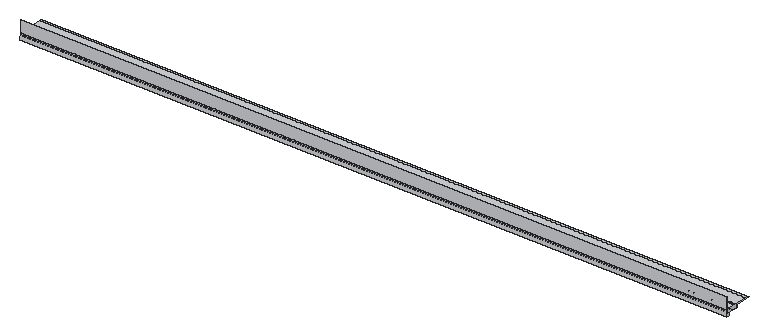
Revit family "Novojunta Pro Basic SP", category Modelos genéricos, Revit 2024
Family settings
  Puede alojar armadura = No
  Cota de conector redondo = Usar diámetro
  Tipo de pieza = Normal
  Corte con vacíos al cargar = No
  Mantener orientación de anotación = No
  Compartido = No
  Punto de cálculo de habitación = No
Parameters
  URL = "https://emac.es/novojunta-pro-basic-sp-junta-estrutural"
  Tipo de junta [instance] = Lisa/ Estriada : Lisa
  Texto Prescriptivo [instance] = "Instalación de junta de dilatación estructural superpuesta Emac® Novojunta® Pro Basic SP para cargas ligeras, ancho junta 40 mm, ancho visible 40 mm, ancho total 144 mm, alto perfil 12,5 mm. Con estructura realizada en aluminio perforado en su base para fijaciones, caucho EPDM de altas prestaciones con capacidad de absorber movimientos multidireccionales. Admisión de movimiento horizontal hasta 14 mm. Color y acabado a elegir. Otros anchos en opción. Instalación con tornillería (incluida).. Medida la longitud realmente ejecutada."
  Texto Descriptivo [instance] = "Novojunta® Pro Basic SP es un sistema de perfiles de aluminio y caucho EPDM destinado a  colocación en juntas de dilatación de estructura superpuestas de hasta 40 mm de ancho. Su diseño facilita la absorción de los movimientos derivados de las variaciones térmicas, permitiendo movimiento en tres ejes.  Con acabado liso o estriado y soporte de cargas ligeras/medias. Se sirve desmontada. Disponible en color gris o negro."
  Referencia [instance] = "NJPBSP"
  Posición Junta [instance] = Enrasada/Perimetral : Perimetral
  Perimetral [instance] = Enrasada/Perimetral : Perimetral
  País origen [instance] = "España"
  Material 2 [instance] = EPDM
  Material [instance] = Aluminio
  Lisa [instance] = Lisa/ Estriada : Lisa
  Instrucciones de Instalación [instance] = "https://emac.es/public/Attachment/2023/3/ficha-tecnica-novojunta-pro-basic-sp-emac.pdf"
  Estriada [instance] = Lisa/ Estriada : Estriada
  Enrasada [instance] = Enrasada/Perimetral : Enrasada
  NOVOJUNTA PRO BASIC SP h= 12,5mm, a=40mm Perimetral - Lisa [instance] = if(and(Posición Junta = Perimetral, Tipo de junta = Lisa, Anchura = Anchura 40mm), 1 = 1, 1 = 0)  # yes
  NOVOJUNTA PRO BASIC SP h= 12,5mm, a=40mm Perimetral - Estriada [instance] = if(and(Posición Junta = Perimetral, Tipo de junta = Estriada, Anchura = Anchura 40mm), 1 = 1, 1 = 0)  # no
  NOVOJUNTA PRO BASIC SP h= 12,5mm, a=40mm Enrasada- Lisa [instance] = if(and(Posición Junta = Enrasada, Tipo de junta = Lisa, Anchura = Anchura 40mm), 1 = 1, 1 = 0)  # no
  NOVOJUNTA PRO BASIC SP h= 12,5mm, a=40mm Enrasada- Estriada [instance] = if(and(Posición Junta = Enrasada, Tipo de junta = Estriada, Anchura = Anchura 40mm), 1 = 1, 1 = 0)  # no
  NOVOJUNTA PRO BASIC SP h= 12,5mm, a=30mm Perimetral - Lisa [instance] = if(and(Posición Junta = Perimetral, Tipo de junta = Lisa, Anchura = Anchura 30mm), 1 = 1, 1 = 0)  # no
  NOVOJUNTA PRO BASIC SP h= 12,5mm, a=30mm Perimetral - Estriada [instance] = if(and(Posición Junta = Perimetral, Tipo de junta = Estriada, Anchura = Anchura 30mm), 1 = 1, 1 = 0)  # no
  NOVOJUNTA PRO BASIC SP h= 12,5mm, a=30mm Enrasada- Lisa [instance] = if(and(Posición Junta = Enrasada, Tipo de junta = Lisa, Anchura = Anchura 30mm), 1 = 1, 1 = 0)  # no
  NOVOJUNTA PRO BASIC SP h= 12,5mm, a=30mm Enrasada- Estriada [instance] = if(and(Posición Junta = Enrasada, Tipo de junta = Estriada, Anchura = Anchura 30mm), 1 = 1, 1 = 0)  # no
  NOVOJUNTA PRO BASIC SP h= 12,5mm, a=20mm Perimetral - Lisa [instance] = if(and(Posición Junta = Perimetral, Tipo de junta = Lisa, Anchura = Anchura 20mm), 1 = 1, 1 = 0)  # no
  NOVOJUNTA PRO BASIC SP h= 12,5mm, a=20mm Perimetral - Estriada [instance] = if(and(Posición Junta = Perimetral, Tipo de junta = Estriada, Anchura = Anchura 20mm), 1 = 1, 1 = 0)  # no
  NOVOJUNTA PRO BASIC SP h= 12,5mm, a=20mm Enrasada- Lisa [instance] = if(and(Posición Junta = Enrasada, Tipo de junta = Lisa, Anchura = Anchura 20mm), 1 = 1, 1 = 0)  # no
  NOVOJUNTA PRO BASIC SP h= 12,5mm, a=20mm Enrasada- Estriada [instance] = if(and(Posición Junta = Enrasada, Tipo de junta = Estriada, Anchura = Anchura 20mm), 1 = 1, 1 = 0)  # no
  built-in parameter 1001306 [instance] = 2500 mm
  Default Elevation = 0 mm
  Descripción = "NOVOJUNTA PRO BASIC SP\r\nNOVOJUNTA PRO BASIC SP"
  Certificados de producto [instance] = "https://emac.es/public/Attachment/2023/3/ficha-tecnica-novojunta-pro-basic-sp-emac.pdf"
  Características técnicas [instance] = "https://emac.es/public/Attachment/2023/3/ficha-tecnica-novojunta-pro-basic-sp-emac.pdf"
  Anchura 40mm [instance] = Anchura : 40mm
  Anchura 30mm [instance] = Anchura : 30mm
  Anchura 20mm [instance] = Anchura : 20mm
  Anchura [instance] = Anchura : 40mm
  Altura [instance] = 12.5 mm
Reference planes
  plane 1 "Center (Front/Back)": y = 0
  plane 2: z = 0
  plane 3 "Left": x = 0
  plane 4 "Right": x = 2500
Forms (mm)
  Extrusion 1, solid, visible <- "NOVOJUNTA PRO BASIC SP h= 12,5mm, a=20mm Enrasada- Lisa"
    sketch origin (0, -483.071, -363.443) x (0, 1, 0) y (0, 0, 1)
      loop
        line (536.766, 363.307) -> (493.332, 363.343) -> (493.332, 354.27) -> (492.521, 352.243) -> (489.785, 352.243) -> (488.974, 354.27) -> (488.974, 361.243) -> (487.032, 361.243) -> (487.032, 351.843)
        arc (487.032, 351.843) -> (487.471, 350.782) -> (488.532, 350.343) r 1.5
        line (488.532, 350.343) -> (493.732, 350.343)
        arc (493.732, 350.343) -> (494.792, 350.782) -> (495.232, 351.843) r 1.5
        line (495.232, 351.843) -> (495.232, 361.343) -> (499.432, 361.343) -> (546.837, 361.343)
        arc (546.837, 361.343) -> (541.874, 362.696) -> (536.766, 363.307) r 35
      loop
        line (419.318, 361.343) -> (466.723, 361.343) -> (470.923, 361.343) -> (470.923, 351.843)
        arc (470.923, 351.843) -> (471.363, 350.782) -> (472.423, 350.343) r 1.5
        line (472.423, 350.343) -> (477.623, 350.343)
        arc (477.623, 350.343) -> (478.684, 350.782) -> (479.123, 351.843) r 1.5
        line (479.123, 351.843) -> (479.123, 361.243) -> (477.223, 361.243) -> (477.223, 354.324) -> (476.391, 352.243) -> (473.655, 352.243) -> (472.823, 354.324) -> (472.823, 363.343) -> (430.98, 363.343)
        arc (430.98, 363.343) -> (425.064, 362.84) -> (419.318, 361.343) r 35
      loop
        line (490.308, 354.264) -> (489.663, 353.751) -> (490.791, 352.623)
        arc (490.791, 352.623) -> (491.23, 352.429) -> (491.666, 352.631) r 0.583
        line (491.666, 352.631) -> (492.791, 353.757) -> (492.117, 354.28) -> (491.815, 355.179) -> (491.815, 360.668) -> (493.015, 361.389) -> (493.015, 363.443) -> (485.915, 363.443)
        arc (485.915, 363.443) -> (483.015, 363.143) -> (480.115, 363.443) r 14.165
        line (480.115, 363.443) -> (473.015, 363.443) -> (473.015, 361.389) -> (474.215, 360.668) -> (474.215, 355.179) -> (473.947, 354.379) -> (473.321, 353.838) -> (474.365, 352.631)
        arc (474.365, 352.631) -> (474.801, 352.429) -> (475.24, 352.623) r 0.583
        line (475.24, 352.623) -> (476.365, 353.748) -> (475.723, 354.264) -> (475.438, 355.168) -> (475.542, 360.67) -> (476.881, 361.443) -> (480.16, 361.443) -> (481.887, 359.173)
        arc (481.887, 359.173) -> (483.016, 358.643) -> (484.144, 359.173) r 1.466
        line (484.144, 359.173) -> (485.867, 361.443) -> (489.149, 361.443) -> (490.489, 360.67) -> (490.593, 355.168) -> (490.308, 354.264)
    from 0 to 2500
  Extrusion 2, solid, visible <- "NOVOJUNTA PRO BASIC SP h= 12,5mm, a=20mm Enrasada- Estriada"
    sketch origin (0, -303.72, -363.304) x (0, 1, 0) y (0, 0, 1)
      loop
        line (320.081, 361.304) -> (367.486, 361.304)
        arc (367.486, 361.304) -> (362.523, 362.657) -> (357.416, 363.268) r 35
        line (357.416, 363.268) -> (313.981, 363.304) -> (313.981, 354.231) -> (313.171, 352.204) -> (310.435, 352.204) -> (309.624, 354.231) -> (309.624, 361.204) -> (307.681, 361.204) -> (307.681, 351.804)
        arc (307.681, 351.804) -> (308.121, 350.743) -> (309.181, 350.304) r 1.5
        line (309.181, 350.304) -> (314.381, 350.304)
        arc (314.381, 350.304) -> (315.442, 350.743) -> (315.881, 351.804) r 1.5
        line (315.881, 351.804) -> (315.881, 361.304) -> (320.081, 361.304)
      loop
        line (239.968, 361.304) -> (287.373, 361.304) -> (291.573, 361.304) -> (291.573, 351.804)
        arc (291.573, 351.804) -> (292.012, 350.743) -> (293.073, 350.304) r 1.5
        line (293.073, 350.304) -> (298.273, 350.304)
        arc (298.273, 350.304) -> (299.334, 350.743) -> (299.773, 351.804) r 1.5
        line (299.773, 351.804) -> (299.773, 361.204) -> (297.873, 361.204) -> (297.873, 354.285) -> (297.041, 352.204) -> (294.305, 352.204) -> (293.473, 354.285) -> (293.473, 363.304) -> (251.63, 363.304)
        arc (251.63, 363.304) -> (245.714, 362.8) -> (239.968, 361.304) r 35
      loop
        line (302.97, 357.804) -> (302.97, 363.304) -> (293.665, 363.304) -> (293.665, 361.35) -> (294.865, 360.629) -> (294.865, 355.14) -> (294.564, 354.241) -> (293.868, 353.739) -> (295.015, 352.592)
        arc (295.015, 352.592) -> (295.451, 352.39) -> (295.89, 352.584) r 0.583
        line (295.89, 352.584) -> (297.034, 353.728) -> (296.372, 354.225) -> (296.088, 355.129) -> (296.192, 360.631) -> (297.531, 361.404) -> (301.106, 361.404) -> (301.106, 356.836) -> (303.286, 354.977)
        arc (303.286, 354.977) -> (303.748, 354.806) -> (304.211, 354.976) r 0.714
        line (304.211, 354.976) -> (306.406, 356.836) -> (306.406, 361.404) -> (309.799, 361.404) -> (311.138, 360.631) -> (311.242, 355.129) -> (310.958, 354.225) -> (310.296, 353.728) -> (311.44, 352.584)
        arc (311.44, 352.584) -> (311.879, 352.39) -> (312.315, 352.592) r 0.583
        line (312.315, 352.592) -> (313.463, 353.739) -> (312.767, 354.241) -> (312.465, 355.14) -> (312.465, 360.629) -> (313.665, 361.35) -> (313.665, 363.304) -> (304.47, 363.304) -> (304.47, 357.804)
        arc (304.47, 357.804) -> (304.261, 357.192) -> (303.72, 356.836) r 1
        arc (303.72, 356.836) -> (303.18, 357.192) -> (302.97, 357.804) r 1
    from 0 to 2500
  Extrusion 3, solid, visible <- "NOVOJUNTA PRO BASIC SP h= 12,5mm, a=30mm Enrasada- Lisa"
    sketch origin (0, -485.412, -309.419) x (0, 1, 0) y (0, 0, 1)
      loop
        line (500.77, 300.397) -> (499.97, 298.397) -> (497.37, 298.397) -> (496.613, 300.29) -> (496.613, 307.297) -> (494.57, 307.297) -> (494.57, 297.919)
        arc (494.57, 297.919) -> (495.001, 296.844) -> (496.07, 296.397) r 1.5
        line (496.07, 296.397) -> (501.27, 296.397)
        arc (501.27, 296.397) -> (502.331, 296.836) -> (502.77, 297.897) r 1.5
        line (502.77, 297.897) -> (502.77, 307.397) -> (506.97, 307.397) -> (554.375, 307.397)
        arc (554.375, 307.397) -> (549.412, 308.75) -> (544.304, 309.36) r 35
        line (544.304, 309.36) -> (500.77, 309.397) -> (500.77, 300.397)
      loop
        line (500.137, 299.943) -> (499.508, 300.435) -> (499.212, 301.318) -> (499.212, 306.637) -> (500.412, 307.358) -> (500.412, 309.419) -> (494.412, 309.419)
        arc (494.412, 309.419) -> (485.412, 308.96) -> (476.412, 309.419) r 88.447
        line (476.412, 309.419) -> (470.412, 309.419) -> (470.412, 307.358) -> (471.612, 306.637) -> (471.612, 301.318) -> (471.339, 300.505) -> (470.637, 299.915) -> (471.767, 298.785)
        arc (471.767, 298.785) -> (472.203, 298.584) -> (472.642, 298.778) r 0.583
        line (472.642, 298.778) -> (473.741, 299.876) -> (473.124, 300.419) -> (472.837, 301.332) -> (472.937, 306.647) -> (474.245, 307.497) -> (476.512, 307.497) -> (476.512, 297.919) -> (479.796, 297.919)
        arc (479.796, 297.919) -> (480.175, 298.094) -> (480.29, 298.495) r 0.5
        arc (480.29, 298.495) -> (485.412, 304.461) -> (490.534, 298.495) r 5.182
        arc (490.534, 298.495) -> (490.649, 298.094) -> (491.028, 297.919) r 0.5
        line (491.028, 297.919) -> (494.312, 297.919) -> (494.312, 307.475) -> (496.613, 307.475) -> (497.887, 306.647) -> (497.987, 301.332) -> (497.7, 300.418) -> (497.041, 299.919) -> (498.182, 298.778)
        arc (498.182, 298.778) -> (498.621, 298.584) -> (499.057, 298.785) r 0.583
        line (499.057, 298.785) -> (500.137, 299.943)
      loop
        line (491.472, 307.316) -> (490.63, 302.997) -> (493.314, 302.997) -> (493.314, 307.316) -> (491.472, 307.316)
      loop
        line (480.195, 302.997) -> (479.352, 307.316) -> (477.51, 307.316) -> (477.51, 302.997) -> (480.195, 302.997)
      loop
        line (476.254, 307.297) -> (474.212, 307.297) -> (474.212, 300.29) -> (473.454, 298.397) -> (470.854, 298.397) -> (470.054, 300.397) -> (470.054, 309.397) -> (426.52, 309.361)
        arc (426.52, 309.361) -> (421.412, 308.75) -> (416.45, 307.397) r 35
        line (416.45, 307.397) -> (463.854, 307.397) -> (468.054, 307.397) -> (468.054, 297.897)
        arc (468.054, 297.897) -> (468.494, 296.836) -> (469.554, 296.397) r 1.5
        line (469.554, 296.397) -> (474.754, 296.397)
        arc (474.754, 296.397) -> (475.815, 296.836) -> (476.254, 297.897) r 1.5
        line (476.254, 297.897) -> (476.254, 307.297)
    from 0 to 2500
  Extrusion 4, solid, visible <- "NOVOJUNTA PRO BASIC SP h= 12,5mm, a=30mm Enrasada- Estriada"
    sketch origin (0, -296.685, -309.279) x (0, 1, 0) y (0, 0, 1)
      loop
        arc (305.718, 297.725) -> (306.157, 296.664) -> (307.218, 296.225) r 1.5
        line (307.218, 296.225) -> (312.418, 296.225)
        arc (312.418, 296.225) -> (313.479, 296.664) -> (313.918, 297.725) r 1.5
        line (313.918, 297.725) -> (313.918, 307.225) -> (318.118, 307.225) -> (365.523, 307.225)
        arc (365.523, 307.225) -> (360.56, 308.577) -> (355.452, 309.188) r 35
        line (355.452, 309.188) -> (311.918, 309.225) -> (311.918, 299.902) -> (311.207, 298.125) -> (308.471, 298.125) -> (307.761, 299.902) -> (307.761, 307.125) -> (305.718, 307.125) -> (305.718, 297.725)
      loop
        line (308.767, 300.141) -> (308.121, 299.629) -> (309.25, 298.501)
        arc (309.25, 298.501) -> (309.689, 298.306) -> (310.125, 298.508) r 0.583
        line (310.125, 298.508) -> (311.221, 299.604) -> (310.576, 300.157) -> (310.275, 301.056) -> (310.275, 306.504) -> (311.475, 307.224) -> (311.475, 309.279) -> (304.19, 309.279) -> (303.505, 303.273) -> (302.624, 303.273) -> (301.757, 309.279) -> (296.685, 309.279) -> (291.612, 309.279) -> (290.746, 303.273) -> (289.864, 303.273) -> (289.18, 309.279) -> (281.895, 309.279) -> (281.895, 307.224) -> (283.095, 306.504) -> (283.095, 301.056) -> (282.793, 300.157) -> (282.094, 299.658) -> (283.245, 298.508)
        arc (283.245, 298.508) -> (283.68, 298.306) -> (284.12, 298.501) r 0.583
        line (284.12, 298.501) -> (285.227, 299.608) -> (284.602, 300.141) -> (284.318, 301.045) -> (284.421, 306.547) -> (285.444, 307.32) -> (287.892, 307.32) -> (288.253, 297.779) -> (292.003, 297.779) -> (293.615, 306.276) -> (294.648, 306.276) -> (295.759, 304.807)
        arc (295.759, 304.807) -> (296.685, 304.372) -> (297.61, 304.807) r 1.202
        line (297.61, 304.807) -> (298.721, 306.276) -> (299.755, 306.276) -> (301.366, 297.779) -> (305.116, 297.779) -> (305.477, 307.32) -> (307.925, 307.32) -> (308.948, 306.547) -> (309.052, 301.045) -> (308.767, 300.141)
      loop
        arc (286.16, 296.225) -> (287.219, 296.663) -> (287.658, 297.723) r 1.498
        line (287.658, 297.723) -> (287.658, 307.125) -> (285.609, 307.125) -> (285.609, 299.902) -> (284.898, 298.125) -> (282.162, 298.125) -> (281.451, 299.902) -> (281.451, 309.225) -> (237.917, 309.188)
        arc (237.917, 309.188) -> (232.81, 308.577) -> (227.847, 307.225) r 35
        line (227.847, 307.225) -> (279.458, 307.225) -> (279.458, 297.727)
        arc (279.458, 297.727) -> (279.897, 296.664) -> (280.96, 296.225) r 1.502
        line (280.96, 296.225) -> (286.16, 296.225)
    from 0 to 2500
  Extrusion 5, solid, visible <- "NOVOJUNTA PRO BASIC SP h= 12,5mm, a=40mm Enrasada- Lisa"
    sketch origin (0, -476.147, -263.567) x (0, 1, 0) y (0, 0, 1)
      loop
        line (502.564, 261.467) -> (549.969, 261.467)
        arc (549.969, 261.467) -> (545.006, 262.82) -> (539.898, 263.431) r 35
        line (539.898, 263.431) -> (496.364, 263.467) -> (496.364, 254.144) -> (495.653, 252.367) -> (492.917, 252.367) -> (492.207, 254.144) -> (492.207, 261.367) -> (490.164, 261.367) -> (490.164, 251.967)
        arc (490.164, 251.967) -> (490.603, 250.906) -> (491.664, 250.467) r 1.5
        line (491.664, 250.467) -> (496.864, 250.467)
        arc (496.864, 250.467) -> (497.924, 250.906) -> (498.364, 251.967) r 1.5
        line (498.364, 251.967) -> (498.364, 261.467) -> (502.564, 261.467)
      loop
        line (493.44, 254.388) -> (492.81, 253.859) -> (493.923, 252.747)
        arc (493.923, 252.747) -> (494.362, 252.553) -> (494.798, 252.755) r 0.583
        line (494.798, 252.755) -> (495.954, 253.911) -> (495.249, 254.404) -> (494.947, 255.302) -> (494.947, 260.792) -> (496.147, 261.513) -> (496.147, 263.567) -> (485.246, 263.567)
        arc (485.246, 263.567) -> (480.604, 263.217) -> (475.95, 263.111) r 88.918
        arc (475.95, 263.111) -> (471.296, 263.217) -> (466.654, 263.567) r 88.918
        line (466.654, 263.567) -> (456.346, 263.567) -> (456.346, 261.453) -> (457.446, 260.792) -> (457.446, 255.302) -> (457.145, 254.404) -> (456.469, 253.882) -> (457.596, 252.755)
        arc (457.596, 252.755) -> (458.032, 252.553) -> (458.471, 252.747) r 0.583
        line (458.471, 252.747) -> (459.593, 253.869) -> (458.953, 254.388) -> (458.669, 255.292) -> (458.773, 260.794) -> (460.112, 261.567) -> (463.246, 261.567) -> (463.246, 252.067) -> (467.246, 252.067) -> (467.246, 250.567) -> (470.206, 250.567) -> (475.681, 257.309)
        arc (475.681, 257.309) -> (476.254, 257.582) -> (476.827, 257.308) r 0.738
        line (476.827, 257.308) -> (482.286, 250.567) -> (485.246, 250.567) -> (485.246, 252.067) -> (489.246, 252.067) -> (489.246, 261.567) -> (492.281, 261.567) -> (493.621, 260.794) -> (493.725, 255.292) -> (493.44, 254.388)
      loop
        line (487.246, 259.593) -> (479.399, 259.593) -> (483.805, 254.167) -> (487.246, 254.167) -> (487.246, 259.593)
      loop
        line (468.687, 254.167) -> (473.093, 259.593) -> (465.246, 259.593) -> (465.246, 254.167) -> (468.687, 254.167)
      loop
        line (462.354, 251.967) -> (462.354, 261.367) -> (460.354, 261.367) -> (460.354, 254.198) -> (459.622, 252.367) -> (456.886, 252.367) -> (456.154, 254.198) -> (456.154, 263.467) -> (414.211, 263.467)
        arc (414.211, 263.467) -> (408.295, 262.963) -> (402.549, 261.467) r 35
        line (402.549, 261.467) -> (449.954, 261.467) -> (454.154, 261.467) -> (454.154, 251.967)
        arc (454.154, 251.967) -> (454.593, 250.906) -> (455.654, 250.467) r 1.5
        line (455.654, 250.467) -> (460.854, 250.467)
        arc (460.854, 250.467) -> (461.914, 250.906) -> (462.354, 251.967) r 1.5
    from 0 to 2500
  Extrusion 6, solid, visible <- "NOVOJUNTA PRO BASIC SP h= 12,5mm, a=40mm Enrasada- Estriada"
    sketch origin (0, -298.726, -265.498) x (0, 1, 0) y (0, 0, 1)
      loop
        line (320.943, 263.398) -> (325.143, 263.398) -> (372.547, 263.398)
        arc (372.547, 263.398) -> (367.585, 264.75) -> (362.477, 265.361) r 35
        line (362.477, 265.361) -> (318.943, 265.398) -> (318.943, 256.075) -> (318.232, 254.298) -> (315.496, 254.298) -> (314.785, 256.075) -> (314.785, 263.298) -> (312.743, 263.298) -> (312.743, 253.898)
        arc (312.743, 253.898) -> (313.182, 252.837) -> (314.243, 252.398) r 1.5
        line (314.243, 252.398) -> (319.443, 252.398)
        arc (319.443, 252.398) -> (320.503, 252.837) -> (320.943, 253.898) r 1.5
        line (320.943, 253.898) -> (320.943, 263.398)
      loop
        line (317.526, 257.233) -> (317.526, 262.723) -> (318.626, 263.383) -> (318.626, 265.498) -> (304.526, 265.498) -> (304.25, 259.604)
        arc (304.25, 259.604) -> (303.727, 259.097) -> (303.188, 259.587) r 0.532
        line (303.188, 259.587) -> (302.726, 265.498) -> (298.726, 265.498) -> (294.726, 265.498) -> (294.264, 259.577)
        arc (294.264, 259.577) -> (293.726, 259.087) -> (293.203, 259.594) r 0.531
        line (293.203, 259.594) -> (292.926, 265.498) -> (278.925, 265.498) -> (278.925, 263.383) -> (280.025, 262.723) -> (280.025, 257.233) -> (279.723, 256.335) -> (279.05, 255.81) -> (280.175, 254.685)
        arc (280.175, 254.685) -> (280.61, 254.484) -> (281.05, 254.678) r 0.583
        line (281.05, 254.678) -> (282.177, 255.805) -> (281.532, 256.319) -> (281.248, 257.222) -> (281.351, 262.725) -> (282.691, 263.498) -> (285.726, 263.498) -> (285.726, 253.998) -> (289.726, 253.998) -> (289.726, 252.498) -> (292.726, 252.498) -> (295.726, 257.198)
        arc (295.726, 257.198) -> (298.726, 259.198) -> (301.726, 257.198) r 3.249
        line (301.726, 257.198) -> (304.726, 252.498) -> (307.726, 252.498) -> (307.726, 253.998) -> (311.726, 253.998) -> (311.726, 263.498) -> (314.86, 263.498) -> (316.2, 262.725) -> (316.304, 257.222) -> (316.019, 256.319) -> (315.361, 255.819) -> (316.502, 254.678)
        arc (316.502, 254.678) -> (316.941, 254.484) -> (317.376, 254.685) r 0.583
        line (317.376, 254.685) -> (318.504, 255.813) -> (317.828, 256.335) -> (317.526, 257.233)
      loop
        line (309.726, 256.098) -> (309.726, 262.998) -> (306.752, 262.998) -> (305.8, 256.098) -> (309.726, 256.098)
      loop
        line (290.701, 262.998) -> (287.726, 262.998) -> (287.726, 256.098) -> (291.652, 256.098) -> (290.701, 262.998)
      loop
        line (284.933, 253.898) -> (284.933, 263.298) -> (282.933, 263.298) -> (282.933, 256.128) -> (282.2, 254.298) -> (279.465, 254.298) -> (278.733, 256.128) -> (278.733, 265.398) -> (236.79, 265.398)
        arc (236.79, 265.398) -> (230.874, 264.894) -> (225.128, 263.398) r 35
        line (225.128, 263.398) -> (272.533, 263.398) -> (276.733, 263.398) -> (276.733, 253.898)
        arc (276.733, 253.898) -> (277.172, 252.837) -> (278.233, 252.398) r 1.5
        line (278.233, 252.398) -> (283.433, 252.398)
        arc (283.433, 252.398) -> (284.493, 252.837) -> (284.933, 253.898) r 1.5
    from 0 to 2500
  Extrusion 7, solid, visible <- "NOVOJUNTA PRO BASIC SP h= 12,5mm, a=20mm Perimetral - Lisa"
    sketch origin (0, 786.67, -36.057) x (0, 1, 0) y (0, 0, 1)
      loop
        line (-798.727, 12.957) -> (-796.876, 12.957) -> (-796.727, 19.957) -> (-795.927, 21.957) -> (-793.327, 21.957) -> (-792.527, 19.957) -> (-792.527, 12.957) -> (-790.527, 12.957) -> (-790.527, 33.857) -> (-792.527, 33.857) -> (-792.527, 26.588) -> (-793.259, 24.757) -> (-795.995, 24.757) -> (-796.727, 26.588) -> (-796.727, 63.4)
        arc (-796.727, 63.4) -> (-797.23, 69.316) -> (-798.727, 75.062) r 35
        line (-798.727, 75.062) -> (-798.727, 35.157) -> (-798.727, 12.957)
      loop
        arc (-722.813, 33.857) -> (-727.776, 35.21) -> (-732.884, 35.821) r 35
        line (-732.884, 35.821) -> (-776.418, 35.857) -> (-776.418, 26.534) -> (-777.129, 24.757) -> (-779.865, 24.757) -> (-780.576, 26.534) -> (-780.576, 33.857) -> (-782.618, 33.857) -> (-782.618, 24.357)
        arc (-782.618, 24.357) -> (-782.179, 23.296) -> (-781.118, 22.857) r 1.5
        line (-781.118, 22.857) -> (-775.918, 22.857)
        arc (-775.918, 22.857) -> (-774.858, 23.296) -> (-774.418, 24.357) r 1.5
        line (-774.418, 24.357) -> (-774.418, 33.857) -> (-770.218, 33.857) -> (-722.813, 33.857)
      loop
        arc (-787.763, 31.788) -> (-786.635, 31.257) -> (-785.506, 31.787) r 1.467
        line (-785.506, 31.787) -> (-783.783, 34.057) -> (-780.501, 34.057) -> (-779.163, 33.285) -> (-779.057, 27.682) -> (-779.342, 26.778) -> (-780.08, 26.199) -> (-778.859, 25.137)
        arc (-778.859, 25.137) -> (-778.42, 24.943) -> (-777.984, 25.145) r 0.583
        line (-777.984, 25.145) -> (-776.847, 26.282) -> (-777.533, 26.794) -> (-777.835, 27.693) -> (-777.835, 33.282) -> (-776.735, 33.943) -> (-776.735, 36.057) -> (-783.735, 36.057)
        arc (-783.735, 36.057) -> (-786.635, 35.757) -> (-789.535, 36.057) r 14.165
        line (-789.535, 36.057) -> (-796.535, 36.057) -> (-796.535, 33.843) -> (-795.435, 33.182) -> (-795.435, 27.693) -> (-795.736, 26.794) -> (-796.386, 26.246) -> (-795.285, 25.145)
        arc (-795.285, 25.145) -> (-794.849, 24.943) -> (-794.41, 25.137) r 0.583
        line (-794.41, 25.137) -> (-793.274, 26.273) -> (-793.927, 26.778) -> (-794.212, 27.682) -> (-794.108, 33.184) -> (-792.595, 34.057) -> (-789.49, 34.057) -> (-787.763, 31.788)
    from 0 to 2500
  Extrusion 8, solid, visible <- "NOVOJUNTA PRO BASIC SP h= 12,5mm, a=40mm Perimetral - Estriada"
    sketch origin (0, 892.036, -35.923) x (0, 1, 0) y (0, 0, 1)
      loop
        arc (-818.03, 33.988) -> (-822.993, 35.341) -> (-828.1, 35.952) r 35
        line (-828.1, 35.952) -> (-871.635, 35.988) -> (-871.635, 26.665) -> (-872.345, 24.888) -> (-875.081, 24.888) -> (-875.792, 26.665) -> (-875.792, 33.757) -> (-877.835, 33.757) -> (-877.835, 24.488)
        arc (-877.835, 24.488) -> (-877.395, 23.427) -> (-876.335, 22.988) r 1.5
        line (-876.335, 22.988) -> (-871.135, 22.988)
        arc (-871.135, 22.988) -> (-870.074, 23.427) -> (-869.635, 24.488) r 1.5
        line (-869.635, 24.488) -> (-869.635, 33.988) -> (-865.435, 33.988) -> (-818.03, 33.988)
      loop
        line (-913.727, 12.957) -> (-911.876, 12.957) -> (-911.727, 19.957) -> (-910.927, 21.957) -> (-908.327, 21.957) -> (-907.527, 19.957) -> (-907.527, 12.957) -> (-905.527, 12.957) -> (-905.527, 33.757) -> (-907.527, 33.757) -> (-907.527, 26.588) -> (-908.259, 24.757) -> (-910.995, 24.757) -> (-911.727, 26.588) -> (-911.727, 63.4)
        arc (-911.727, 63.4) -> (-912.23, 69.316) -> (-913.727, 75.062) r 35
        line (-913.727, 75.062) -> (-913.727, 35.157) -> (-913.727, 12.957)
      loop
        line (-889.036, 27.623) -> (-886.036, 22.923) -> (-883.036, 22.923) -> (-883.036, 24.423) -> (-879.036, 24.423) -> (-879.036, 33.988) -> (-875.501, 33.988) -> (-874.378, 33.34) -> (-874.274, 27.813) -> (-874.558, 26.909) -> (-875.197, 26.389) -> (-874.076, 25.268)
        arc (-874.076, 25.268) -> (-873.637, 25.074) -> (-873.201, 25.276) r 0.583
        line (-873.201, 25.276) -> (-872.099, 26.377) -> (-872.749, 26.925) -> (-873.051, 27.824) -> (-873.051, 33.34) -> (-871.935, 33.775) -> (-871.935, 35.923) -> (-886.236, 35.923) -> (-886.514, 29.999)
        arc (-886.514, 29.999) -> (-887.036, 29.522) -> (-887.572, 29.984) r 0.533
        line (-887.572, 29.984) -> (-888.036, 35.923) -> (-896.036, 35.923) -> (-896.5, 29.984)
        arc (-896.5, 29.984) -> (-897.015, 29.506) -> (-897.556, 29.954) r 0.533
        line (-897.556, 29.954) -> (-897.836, 35.923) -> (-911.535, 35.923) -> (-911.535, 33.843) -> (-910.435, 33.182) -> (-910.435, 27.693) -> (-910.736, 26.794) -> (-911.392, 26.252) -> (-910.285, 25.145)
        arc (-910.285, 25.145) -> (-909.849, 24.943) -> (-909.41, 25.137) r 0.583
        line (-909.41, 25.137) -> (-908.281, 26.266) -> (-908.927, 26.778) -> (-909.212, 27.682) -> (-909.108, 33.184) -> (-907.715, 33.988) -> (-905.036, 33.988) -> (-905.036, 24.423) -> (-901.036, 24.423) -> (-901.036, 22.923) -> (-898.036, 22.923) -> (-895.036, 27.623)
        arc (-895.036, 27.623) -> (-892.036, 29.623) -> (-889.036, 27.623) r 3.249
      loop
        line (-884.962, 26.523) -> (-881.036, 26.523) -> (-881.036, 33.423) -> (-884.011, 33.423) -> (-884.962, 26.523)
      loop
        line (-903.036, 26.523) -> (-899.11, 26.523) -> (-900.062, 33.423) -> (-903.036, 33.423) -> (-903.036, 26.523)
    from 0 to 2500
  Extrusion 9, solid, visible <- "NOVOJUNTA PRO BASIC SP h= 12,5mm, a=40mm Perimetral - Lisa"
    sketch origin (0, 1042.036, -35.923) x (0, 1, 0) y (0, 0, 1)
      loop
        line (-1021.635, 35.988) -> (-1021.635, 26.665) -> (-1022.345, 24.888) -> (-1025.081, 24.888) -> (-1025.792, 26.665) -> (-1025.792, 33.757) -> (-1027.835, 33.757) -> (-1027.835, 24.488)
        arc (-1027.835, 24.488) -> (-1027.395, 23.427) -> (-1026.335, 22.988) r 1.5
        line (-1026.335, 22.988) -> (-1021.135, 22.988)
        arc (-1021.135, 22.988) -> (-1020.074, 23.427) -> (-1019.635, 24.488) r 1.5
        line (-1019.635, 24.488) -> (-1019.635, 33.988) -> (-1015.435, 33.988) -> (-968.03, 33.988)
        arc (-968.03, 33.988) -> (-972.993, 35.341) -> (-978.1, 35.952) r 35
        line (-978.1, 35.952) -> (-1021.635, 35.988)
      loop
        arc (-1042.165, 29.773) -> (-1041.625, 29.998) -> (-1041.086, 29.77) r 0.754
        line (-1041.086, 29.77) -> (-1035.595, 22.988) -> (-1032.635, 22.988) -> (-1032.635, 24.488) -> (-1028.635, 24.488) -> (-1028.635, 33.988) -> (-1025.501, 33.988) -> (-1024.378, 33.34) -> (-1024.274, 27.813) -> (-1024.558, 26.909) -> (-1025.219, 26.412) -> (-1024.076, 25.268)
        arc (-1024.076, 25.268) -> (-1023.637, 25.074) -> (-1023.201, 25.276) r 0.583
        line (-1023.201, 25.276) -> (-1022.073, 26.403) -> (-1022.749, 26.925) -> (-1023.051, 27.824) -> (-1023.051, 33.34) -> (-1021.935, 33.775) -> (-1021.935, 35.988) -> (-1032.635, 35.988)
        arc (-1032.635, 35.988) -> (-1041.635, 35.529) -> (-1050.635, 35.988) r 88.447
        line (-1050.635, 35.988) -> (-1061.535, 35.988) -> (-1061.535, 33.843) -> (-1060.435, 33.182) -> (-1060.435, 27.693) -> (-1060.736, 26.794) -> (-1061.418, 26.278) -> (-1060.285, 25.145)
        arc (-1060.285, 25.145) -> (-1059.849, 24.943) -> (-1059.41, 25.137) r 0.583
        line (-1059.41, 25.137) -> (-1058.283, 26.264) -> (-1058.927, 26.778) -> (-1059.212, 27.682) -> (-1059.108, 33.184) -> (-1057.595, 34.057) -> (-1054.635, 34.057) -> (-1054.635, 24.488) -> (-1050.635, 24.488) -> (-1050.635, 22.988) -> (-1047.675, 22.988) -> (-1042.165, 29.773)
      loop
        line (-1044.788, 32.014) -> (-1052.635, 32.014) -> (-1052.635, 26.588) -> (-1049.194, 26.588) -> (-1044.788, 32.014)
      loop
        line (-1030.635, 32.014) -> (-1038.482, 32.014) -> (-1034.076, 26.588) -> (-1030.635, 26.588) -> (-1030.635, 32.014)
      loop
        line (-1057.527, 12.957) -> (-1055.527, 12.957) -> (-1055.527, 33.857) -> (-1057.527, 33.857) -> (-1057.527, 26.588) -> (-1058.259, 24.757) -> (-1060.995, 24.757) -> (-1061.727, 26.588) -> (-1061.727, 63.4)
        arc (-1061.727, 63.4) -> (-1062.23, 69.316) -> (-1063.727, 75.062) r 35
        line (-1063.727, 75.062) -> (-1063.727, 35.157) -> (-1063.727, 12.957) -> (-1061.876, 12.957) -> (-1061.727, 19.957) -> (-1060.927, 21.957) -> (-1058.327, 21.957) -> (-1057.527, 19.957) -> (-1057.527, 12.957)
    from 0 to 2500
  Extrusion 10, solid, visible <- "NOVOJUNTA PRO BASIC SP h= 12,5mm, a=30mm Perimetral - Estriada"
    sketch origin (0, 794.779, 73.123) x (0, 1, 0) y (0, 0, 1)
      loop
        line (-809.94, -73.123) -> (-809.94, -75.337) -> (-808.84, -75.998) -> (-808.84, -81.488) -> (-809.142, -82.386) -> (-809.813, -82.912) -> (-808.69, -84.035)
        arc (-808.69, -84.035) -> (-808.255, -84.237) -> (-807.815, -84.043) r 0.583
        line (-807.815, -84.043) -> (-806.677, -82.904) -> (-807.333, -82.402) -> (-807.617, -81.498) -> (-807.514, -75.996) -> (-806.001, -75.123) -> (-803.569, -75.123) -> (-803.21, -84.623) -> (-799.46, -84.623) -> (-797.834, -76.048) -> (-796.874, -76.048) -> (-795.704, -77.595)
        arc (-795.704, -77.595) -> (-794.779, -78.03) -> (-793.853, -77.595) r 1.202
        line (-793.853, -77.595) -> (-792.683, -76.048) -> (-791.723, -76.048) -> (-790.097, -84.623) -> (-786.242, -84.623) -> (-785.875, -74.923) -> (-783.507, -74.923) -> (-782.17, -75.695) -> (-782.064, -81.298) -> (-782.348, -82.202) -> (-782.982, -82.727) -> (-781.866, -83.843)
        arc (-781.866, -83.843) -> (-781.427, -84.037) -> (-780.991, -83.835) r 0.583
        line (-780.991, -83.835) -> (-779.853, -82.698) -> (-780.54, -82.186) -> (-780.841, -81.288) -> (-780.841, -75.698) -> (-779.783, -75.062) -> (-779.783, -73.123) -> (-787.274, -73.123) -> (-788.102, -80.396)
        arc (-788.102, -80.396) -> (-788.375, -80.643) -> (-788.656, -80.404) r 0.279
        line (-788.656, -80.404) -> (-789.706, -73.123) -> (-794.779, -73.123) -> (-799.851, -73.123) -> (-800.901, -80.401)
        arc (-800.901, -80.401) -> (-801.182, -80.64) -> (-801.455, -80.392) r 0.279
        line (-801.455, -80.392) -> (-802.284, -73.123) -> (-809.94, -73.123)
      loop
        line (-812.132, -96.223) -> (-810.281, -96.223) -> (-810.132, -89.223) -> (-809.332, -87.223) -> (-806.732, -87.223) -> (-805.932, -89.223) -> (-805.932, -96.223) -> (-803.932, -96.223) -> (-803.932, -75.323) -> (-805.932, -75.323) -> (-805.932, -82.592) -> (-806.665, -84.423) -> (-809.4, -84.423) -> (-810.132, -82.592) -> (-810.132, -45.78)
        arc (-810.132, -45.78) -> (-810.636, -39.864) -> (-812.132, -34.118) r 35
        line (-812.132, -34.118) -> (-812.132, -74.023) -> (-812.132, -96.223)
      loop
        line (-777.425, -75.123) -> (-773.225, -75.123) -> (-725.82, -75.123)
        arc (-725.82, -75.123) -> (-730.783, -73.77) -> (-735.891, -73.159) r 35
        line (-735.891, -73.159) -> (-779.425, -73.123) -> (-779.425, -82.446) -> (-780.136, -84.223) -> (-782.871, -84.223) -> (-783.582, -82.446) -> (-783.582, -75.123) -> (-785.625, -75.123) -> (-785.625, -84.623)
        arc (-785.625, -84.623) -> (-785.185, -85.684) -> (-784.125, -86.123) r 1.5
        line (-784.125, -86.123) -> (-778.925, -86.123)
        arc (-778.925, -86.123) -> (-777.864, -85.684) -> (-777.425, -84.623) r 1.5
        line (-777.425, -84.623) -> (-777.425, -75.123)
    from 0 to 2500
  Extrusion 11, solid, visible <- "NOVOJUNTA PRO BASIC SP h= 12,5mm, a=30mm Perimetral - Lisa"
    sketch origin (0, 925.127, 72.27) x (0, 1, 0) y (0, 0, 1)
      loop
        line (-909.774, -72.269) -> (-909.774, -81.592) -> (-910.484, -83.37) -> (-913.22, -83.37) -> (-913.931, -81.592) -> (-913.931, -74.27) -> (-915.974, -74.27) -> (-915.974, -83.77)
        arc (-915.974, -83.77) -> (-915.534, -84.83) -> (-914.474, -85.27) r 1.5
        line (-914.474, -85.27) -> (-909.274, -85.27)
        arc (-909.274, -85.27) -> (-908.213, -84.83) -> (-907.774, -83.77) r 1.5
        line (-907.774, -83.77) -> (-907.774, -74.27) -> (-903.574, -74.27) -> (-856.169, -74.27)
        arc (-856.169, -74.27) -> (-861.132, -72.917) -> (-866.239, -72.306) r 35
        line (-866.239, -72.306) -> (-909.774, -72.269)
      loop
        line (-942.481, -95.37) -> (-940.63, -95.37) -> (-940.481, -88.37) -> (-939.681, -86.37) -> (-937.081, -86.37) -> (-936.281, -88.37) -> (-936.281, -95.37) -> (-934.281, -95.37) -> (-934.281, -74.47) -> (-936.281, -74.47) -> (-936.281, -81.739) -> (-937.013, -83.57) -> (-939.749, -83.57) -> (-940.481, -81.739) -> (-940.481, -44.927)
        arc (-940.481, -44.927) -> (-940.985, -39.011) -> (-942.481, -33.265) r 35
        line (-942.481, -33.265) -> (-942.481, -73.17) -> (-942.481, -95.37)
      loop
        line (-934.131, -72.27) -> (-940.289, -72.27) -> (-940.289, -74.484) -> (-939.189, -75.144) -> (-939.189, -80.634) -> (-939.49, -81.532) -> (-940.167, -82.054) -> (-939.039, -83.182)
        arc (-939.039, -83.182) -> (-938.603, -83.383) -> (-938.164, -83.189) r 0.583
        line (-938.164, -83.189) -> (-937.036, -82.061) -> (-937.682, -81.549) -> (-937.966, -80.645) -> (-937.862, -75.143) -> (-936.35, -74.27) -> (-934.031, -74.27) -> (-934.031, -83.77) -> (-930.747, -83.77)
        arc (-930.747, -83.77) -> (-930.368, -83.595) -> (-930.253, -83.194) r 0.5
        arc (-930.253, -83.194) -> (-925.131, -77.228) -> (-920.009, -83.194) r 5.182
        arc (-920.009, -83.194) -> (-919.895, -83.595) -> (-919.515, -83.77) r 0.5
        line (-919.515, -83.77) -> (-916.231, -83.77) -> (-916.231, -74.07) -> (-913.856, -74.07) -> (-912.518, -74.841) -> (-912.413, -80.445) -> (-912.697, -81.349) -> (-913.408, -81.915) -> (-912.215, -82.989)
        arc (-912.215, -82.989) -> (-911.776, -83.183) -> (-911.34, -82.982) r 0.583
        line (-911.34, -82.982) -> (-910.221, -81.863) -> (-910.888, -81.332) -> (-911.19, -80.434) -> (-911.19, -74.844) -> (-910.131, -74.209) -> (-910.131, -72.27) -> (-916.131, -72.27)
        arc (-916.131, -72.27) -> (-925.131, -72.729) -> (-934.131, -72.27) r 88.447
      loop
        line (-919.914, -78.692) -> (-917.229, -78.692) -> (-917.229, -74.373) -> (-919.071, -74.373) -> (-919.914, -78.692)
      loop
        line (-933.034, -78.692) -> (-930.349, -78.692) -> (-931.191, -74.373) -> (-933.034, -74.373) -> (-933.034, -78.692)
    from 0 to 2500
  Extrusion 12, solid, visible <- "NOVOJUNTA PRO BASIC SP h= 12,5mm, a=20mm Perimetral - Estriada"
    sketch origin (0, 1064.825, 76.325) x (0, 1, 0) y (0, 0, 1)
      loop
        arc (-1000.969, -78.525) -> (-1005.932, -77.172) -> (-1011.039, -76.561) r 35
        line (-1011.039, -76.561) -> (-1054.573, -76.525) -> (-1054.573, -85.848) -> (-1055.284, -87.625) -> (-1058.02, -87.625) -> (-1058.731, -85.848) -> (-1058.731, -78.525) -> (-1060.773, -78.525) -> (-1060.773, -88.025)
        arc (-1060.773, -88.025) -> (-1060.334, -89.086) -> (-1059.273, -89.525) r 1.5
        line (-1059.273, -89.525) -> (-1054.073, -89.525)
        arc (-1054.073, -89.525) -> (-1053.013, -89.086) -> (-1052.573, -88.025) r 1.5
        line (-1052.573, -88.025) -> (-1052.573, -78.525) -> (-1048.373, -78.525) -> (-1000.969, -78.525)
      loop
        line (-1072.263, -79.198) -> (-1070.75, -78.325) -> (-1067.44, -78.325) -> (-1067.44, -82.793) -> (-1065.219, -84.686)
        arc (-1065.219, -84.686) -> (-1064.824, -84.822) -> (-1064.417, -84.724) r 0.749
        line (-1064.417, -84.724) -> (-1062.14, -82.793) -> (-1062.14, -78.325) -> (-1058.656, -78.325) -> (-1057.318, -79.097) -> (-1057.213, -84.7) -> (-1057.497, -85.604) -> (-1058.139, -86.12) -> (-1057.015, -87.245)
        arc (-1057.015, -87.245) -> (-1056.575, -87.439) -> (-1056.14, -87.237) r 0.583
        line (-1056.14, -87.237) -> (-1055.014, -86.112) -> (-1055.688, -85.588) -> (-1055.99, -84.689) -> (-1055.99, -79.1) -> (-1054.89, -78.439) -> (-1054.89, -76.325) -> (-1058.088, -76.325) -> (-1060.275, -76.325) -> (-1064.075, -76.325) -> (-1064.075, -81.825)
        arc (-1064.075, -81.825) -> (-1064.285, -82.437) -> (-1064.825, -82.793) r 1
        arc (-1064.825, -82.793) -> (-1065.366, -82.437) -> (-1065.575, -81.825) r 1
        line (-1065.575, -81.825) -> (-1065.575, -76.325) -> (-1074.69, -76.325) -> (-1074.69, -78.539) -> (-1073.59, -79.2) -> (-1073.59, -84.689) -> (-1073.891, -85.588) -> (-1074.54, -86.137) -> (-1073.44, -87.237)
        arc (-1073.44, -87.237) -> (-1073.004, -87.439) -> (-1072.565, -87.245) r 0.583
        line (-1072.565, -87.245) -> (-1071.317, -86.186) -> (-1072.083, -85.604) -> (-1072.367, -84.7) -> (-1072.263, -79.198)
      loop
        line (-1068.682, -78.525) -> (-1070.682, -78.525) -> (-1070.682, -85.794) -> (-1071.414, -87.625) -> (-1074.15, -87.625) -> (-1074.882, -85.794) -> (-1074.882, -48.982)
        arc (-1074.882, -48.982) -> (-1075.386, -43.066) -> (-1076.882, -37.32) r 35
        line (-1076.882, -37.32) -> (-1076.882, -77.225) -> (-1076.882, -99.425) -> (-1075.031, -99.425) -> (-1074.882, -92.425) -> (-1074.082, -90.425) -> (-1071.482, -90.425) -> (-1070.682, -92.425) -> (-1070.682, -99.425) -> (-1068.682, -99.425) -> (-1068.682, -78.525)
    from 0 to 2500
Lines and regions (mm)
  reference lines
    curve 1: line (0, 0, 0) -> (2500, 0, 0)
  model lines
    curve 2: line (0, 304.47, 363.304) -> (0, 302.97, 363.304)
    curve 3: line (0, -1064.075, -76.325) -> (0, -1065.575, -76.325)
Dimensions and locks
  "built-in parameter 1001306": plane 3 "Left" to plane 4 "Right"
  aligned and locked: plane 4 "Right" to curve 1
  aligned and locked: plane 1 "Center (Front/Back)" to curve 1
  aligned and locked: plane 3 "Left" to curve 1
  aligned and locked: level to plane 2
  aligned and locked: Extrusion 6 to curve 1
  aligned and locked: Extrusion 6 to plane 3 "Left"
  aligned and locked: Extrusion 5 to curve 1
  aligned and locked: Extrusion 5 to plane 3 "Left"
  aligned and locked: Extrusion 4 to curve 1
  aligned and locked: Extrusion 4 to plane 3 "Left"
  aligned and locked: Extrusion 3 to curve 1
  aligned and locked: Extrusion 3 to plane 3 "Left"
  aligned and locked: Extrusion 2 to curve 1
  aligned and locked: Extrusion 2 to plane 3 "Left"
  aligned and locked: Extrusion 1 to curve 1
  aligned and locked: Extrusion 1 to plane 3 "Left"
  aligned and locked: Extrusion 12 to curve 1
  aligned and locked: Extrusion 12 to plane 3 "Left"
  aligned and locked: Extrusion 11 to curve 1
  aligned and locked: Extrusion 11 to plane 3 "Left"
  aligned and locked: Extrusion 10 to curve 1
  aligned and locked: Extrusion 10 to plane 3 "Left"
  aligned and locked: Extrusion 9 to curve 1
  aligned and locked: Extrusion 9 to plane 3 "Left"
  aligned and locked: Extrusion 8 to curve 1
  aligned and locked: Extrusion 8 to plane 3 "Left"
  aligned and locked: Extrusion 7 to plane 3 "Left"
  aligned and locked: Extrusion 7 to curve 1
Automatic sketch dimensions
  Extrusion 1 sketch curve to level = 2.1 mm  (x2)
  plane 1 "Center (Front/Back)" to Extrusion 1 sketch curve = 63.752 mm
  Extrusion 1 sketch curve to Extrusion 1 sketch curve = 11.662 mm
  plane 1 "Center (Front/Back)" to Extrusion 1 sketch curve = 16.348 mm
  Extrusion 1 sketch curve to Extrusion 1 sketch curve = 4.2 mm  (x2)
  Extrusion 1 sketch curve to Extrusion 1 sketch curve = 1.5 mm  (x3)
  Extrusion 1 sketch curve to Extrusion 1 sketch curve = 0.4 mm  (x3)
  Extrusion 1 sketch curve to level = 2.054 mm
  Extrusion 1 sketch curve to Extrusion 1 sketch curve = 0.192 mm
  Extrusion 1 sketch curve to Extrusion 1 sketch curve = 0.498 mm
  Extrusion 1 sketch curve to Extrusion 1 sketch curve = 1.232 mm  (x2)
  Extrusion 1 sketch curve to Extrusion 1 sketch curve = 0.626 mm
  Extrusion 1 sketch curve to Extrusion 1 sketch curve = 0.268 mm
  Extrusion 1 sketch curve to Extrusion 1 sketch curve = 0.71 mm
  Extrusion 1 sketch curve to Extrusion 1 sketch curve = 0.441 mm  (x2)
  Extrusion 1 sketch curve to Extrusion 1 sketch curve = 0.434 mm  (x2)
  Extrusion 1 sketch curve to Extrusion 1 sketch curve = 1.223 mm  (x2)
  Extrusion 1 sketch curve to level = 2.773 mm  (x2)
  Extrusion 1 sketch curve to Extrusion 1 sketch curve = 1.327 mm
  Extrusion 1 sketch curve to Extrusion 1 sketch curve = 0.284 mm  (x2)
  Extrusion 1 sketch curve to Extrusion 1 sketch curve = 0.642 mm
  Extrusion 1 sketch curve to Extrusion 1 sketch curve = 1.151 mm
  Extrusion 1 sketch curve to level = 2 mm
  Extrusion 1 sketch curve to Extrusion 1 sketch curve = 1.339 mm  (x2)
  Extrusion 1 sketch curve to Extrusion 1 sketch curve = 0.342 mm
  Extrusion 1 sketch curve to Extrusion 1 sketch curve = 1.9 mm
  level to Extrusion 1 sketch curve = 0 mm  (x2)
  Extrusion 1 sketch curve to Extrusion 1 sketch curve = 0.992 mm
  Extrusion 1 sketch curve to Extrusion 1 sketch curve = 1.036 mm
  plane 1 "Center (Front/Back)" to Extrusion 1 sketch curve = 1.184 mm
  plane 1 "Center (Front/Back)" to Extrusion 1 sketch curve = 0.055 mm  (x2)
  Extrusion 1 sketch curve to plane 1 "Center (Front/Back)" = 1.074 mm
  Extrusion 1 sketch curve to plane 1 "Center (Front/Back)" = 2.796 mm
  Extrusion 1 sketch curve to Extrusion 1 sketch curve = 1.165 mm
  Extrusion 1 sketch curve to Extrusion 1 sketch curve = 1.943 mm
  Extrusion 1 sketch curve to Extrusion 1 sketch curve = 0.175 mm
  Extrusion 1 sketch curve to Extrusion 1 sketch curve = 0.688 mm
  Extrusion 1 sketch curve to Extrusion 1 sketch curve = 1.254 mm
  Extrusion 1 sketch curve to Extrusion 1 sketch curve = 0.645 mm
  Extrusion 1 sketch curve to Extrusion 1 sketch curve = 1.005 mm
  Extrusion 1 sketch curve to Extrusion 1 sketch curve = 0.301 mm
  Extrusion 1 sketch curve to Extrusion 1 sketch curve = 0.855 mm
  Extrusion 1 sketch curve to Extrusion 1 sketch curve = 0.674 mm
  Extrusion 1 sketch curve to Extrusion 1 sketch curve = 1.2 mm
  Extrusion 1 sketch curve to Extrusion 1 sketch curve = 0.54 mm
  Extrusion 1 sketch curve to Extrusion 1 sketch curve = 1.211 mm
  Extrusion 1 sketch curve to Extrusion 1 sketch curve = 2.216 mm
  Extrusion 1 sketch curve to Extrusion 1 sketch curve = 39.943 mm
  Extrusion 1 sketch curve to level = 0.136 mm
  Extrusion 1 sketch curve to Extrusion 1 sketch curve = 1.591 mm
  Extrusion 1 sketch curve to Extrusion 1 sketch curve = 10.071 mm
  Extrusion 1 sketch curve to Extrusion 1 sketch curve = 33 mm
  Extrusion 1 sketch curve to Extrusion 1 sketch curve = 10.327 mm
  Extrusion 1 sketch curve to Extrusion 1 sketch curve = 0.38 mm  (x2)
  Extrusion 1 sketch curve to Extrusion 1 sketch curve = 0.388 mm
  Extrusion 1 sketch curve to Extrusion 1 sketch curve = 0.007 mm
  Extrusion 1 sketch curve to Extrusion 1 sketch curve = 1.505 mm
  Extrusion 1 sketch curve to Extrusion 1 sketch curve = 1.508 mm
  Extrusion 1 sketch curve to Extrusion 1 sketch curve = 1.513 mm
  Extrusion 1 sketch curve to Extrusion 1 sketch curve = 1.207 mm
  Extrusion 1 sketch curve to Extrusion 1 sketch curve = 0.516 mm
  Extrusion 1 sketch curve to Extrusion 1 sketch curve = 0.513 mm
  Extrusion 1 sketch curve to Extrusion 1 sketch curve = 0.514 mm
  Extrusion 1 sketch curve to Extrusion 1 sketch curve = 0.519 mm
  Extrusion 1 sketch curve to Extrusion 1 sketch curve = 0.524 mm
  Extrusion 1 sketch curve to Extrusion 1 sketch curve = 0.486 mm
  Extrusion 1 sketch curve to Extrusion 1 sketch curve = 0.576 mm
  Extrusion 1 sketch curve to Extrusion 1 sketch curve = 0.904 mm  (x2)
  Extrusion 1 sketch curve to Extrusion 1 sketch curve = 0.898 mm
  Extrusion 1 sketch curve to Extrusion 1 sketch curve = 0.799 mm
  Extrusion 1 sketch curve to level = 4.27 mm
  Extrusion 1 sketch curve to Extrusion 1 sketch curve = 0.936 mm
  Extrusion 1 sketch curve to Extrusion 1 sketch curve = 0.002 mm  (x2)
  Extrusion 1 sketch curve to Extrusion 1 sketch curve = 0.2 mm  (x2)
  Extrusion 1 sketch curve to Extrusion 1 sketch curve = 0.573 mm
  Extrusion 1 sketch curve to Extrusion 1 sketch curve = 0.72 mm
  Extrusion 1 sketch curve to level = 0.1 mm
  level to Extrusion 1 sketch curve = 13.865 mm
  Extrusion 2 sketch curve to level = 0 mm  (x4)
  plane 1 "Center (Front/Back)" to Extrusion 2 sketch curve = 0 mm
  plane 1 "Center (Front/Back)" to Extrusion 2 sketch curve = 0.25 mm
  plane 1 "Center (Front/Back)" to Extrusion 2 sketch curve = 0.434 mm
  Extrusion 2 sketch curve to Extrusion 2 sketch curve = 0.5 mm
  plane 1 "Center (Front/Back)" to Extrusion 2 sketch curve = 2.615 mm
  Extrusion 2 sketch curve to Extrusion 2 sketch curve = 1.333 mm
  Extrusion 2 sketch curve to Extrusion 2 sketch curve = 1.5 mm  (x3)
  Extrusion 2 sketch curve to Extrusion 2 sketch curve = 0.4 mm  (x3)
  Extrusion 2 sketch curve to Extrusion 2 sketch curve = 0.342 mm
  Extrusion 2 sketch curve to Extrusion 2 sketch curve = 1.232 mm  (x2)
  Extrusion 2 sketch curve to Extrusion 2 sketch curve = 0.839 mm
  Extrusion 2 sketch curve to Extrusion 2 sketch curve = 0.662 mm  (x2)
  Extrusion 2 sketch curve to level = 2.673 mm  (x2)
  Extrusion 2 sketch curve to Extrusion 2 sketch curve = 1.339 mm  (x2)
  Extrusion 2 sketch curve to Extrusion 2 sketch curve = 0.284 mm  (x2)
  Extrusion 2 sketch curve to Extrusion 2 sketch curve = 1.151 mm
  Extrusion 2 sketch curve to Extrusion 2 sketch curve = 0.434 mm  (x2)
  Extrusion 2 sketch curve to Extrusion 2 sketch curve = 0.441 mm  (x2)
  Extrusion 2 sketch curve to Extrusion 2 sketch curve = 1.223 mm
  Extrusion 2 sketch curve to Extrusion 2 sketch curve = 0.301 mm  (x2)
  Extrusion 2 sketch curve to Extrusion 2 sketch curve = 0.71 mm
  Extrusion 2 sketch curve to Extrusion 2 sketch curve = 0.696 mm  (x2)
  Extrusion 2 sketch curve to Extrusion 2 sketch curve = 1.2 mm  (x2)
  Extrusion 2 sketch curve to Extrusion 2 sketch curve = 0.395 mm
  Extrusion 2 sketch curve to Extrusion 2 sketch curve = 2.092 mm
  Extrusion 2 sketch curve to level = 2 mm  (x2)
  Extrusion 2 sketch curve to Extrusion 2 sketch curve = 4.2 mm  (x2)
  Extrusion 2 sketch curve to Extrusion 2 sketch curve = 35.743 mm
  Extrusion 2 sketch curve to Extrusion 2 sketch curve = 11.662 mm
  Extrusion 2 sketch curve to plane 1 "Center (Front/Back)" = 0.029 mm
  Extrusion 2 sketch curve to plane 1 "Center (Front/Back)" = 0.25 mm
  Extrusion 2 sketch curve to plane 1 "Center (Front/Back)" = 0.49 mm
  Extrusion 2 sketch curve to plane 1 "Center (Front/Back)" = 0.75 mm
  Extrusion 2 sketch curve to plane 1 "Center (Front/Back)" = 2.685 mm
  Extrusion 2 sketch curve to plane 1 "Center (Front/Back)" = 3.961 mm
  Extrusion 2 sketch curve to Extrusion 2 sketch curve = 0.443 mm
  Extrusion 2 sketch curve to level = 1.9 mm
  Extrusion 2 sketch curve to Extrusion 2 sketch curve = 0.175 mm
  Extrusion 2 sketch curve to Extrusion 2 sketch curve = 0.672 mm
  Extrusion 2 sketch curve to Extrusion 2 sketch curve = 1.254 mm
  Extrusion 2 sketch curve to Extrusion 2 sketch curve = 1.005 mm
  Extrusion 2 sketch curve to level = 2.675 mm
  Extrusion 2 sketch curve to Extrusion 2 sketch curve = 1.327 mm
  Extrusion 2 sketch curve to Extrusion 2 sketch curve = 0.855 mm
  Extrusion 2 sketch curve to Extrusion 2 sketch curve = 0.519 mm
  Extrusion 2 sketch curve to Extrusion 2 sketch curve = 1.211 mm
  Extrusion 2 sketch curve to Extrusion 2 sketch curve = 2.216 mm
  Extrusion 2 sketch curve to Extrusion 2 sketch curve = 39.943 mm
  Extrusion 2 sketch curve to level = 0.036 mm
  Extrusion 2 sketch curve to Extrusion 2 sketch curve = 1.591 mm
  Extrusion 2 sketch curve to Extrusion 2 sketch curve = 10.071 mm
  Extrusion 2 sketch curve to Extrusion 2 sketch curve = 10.325 mm
  Extrusion 2 sketch curve to Extrusion 2 sketch curve = 0.38 mm  (x2)
  Extrusion 2 sketch curve to Extrusion 2 sketch curve = 0.007 mm
  Extrusion 2 sketch curve to Extrusion 2 sketch curve = 0.388 mm
  Extrusion 2 sketch curve to Extrusion 2 sketch curve = 1.524 mm  (x2)
  Extrusion 2 sketch curve to Extrusion 2 sketch curve = 1.535 mm  (x2)
  Extrusion 2 sketch curve to Extrusion 2 sketch curve = 0.497 mm  (x2)
  Extrusion 2 sketch curve to Extrusion 2 sketch curve = 0.503 mm
  Extrusion 2 sketch curve to Extrusion 2 sketch curve = 0.492 mm
  Extrusion 2 sketch curve to Extrusion 2 sketch curve = 0.502 mm  (x2)
  Extrusion 2 sketch curve to Extrusion 2 sketch curve = 0.556 mm
  Extrusion 2 sketch curve to Extrusion 2 sketch curve = 0.546 mm
  Extrusion 2 sketch curve to Extrusion 2 sketch curve = 3.171 mm
  Extrusion 2 sketch curve to Extrusion 2 sketch curve = 0.001 mm
  Extrusion 2 sketch curve to Extrusion 2 sketch curve = 0.904 mm  (x2)
  Extrusion 2 sketch curve to Extrusion 2 sketch curve = 0.898 mm  (x2)
  Extrusion 2 sketch curve to Extrusion 2 sketch curve = 1.859 mm
  Extrusion 2 sketch curve to Extrusion 2 sketch curve = 1.86 mm
  Extrusion 2 sketch curve to Extrusion 2 sketch curve = 2.284 mm
  Extrusion 2 sketch curve to Extrusion 2 sketch curve = 0.002 mm
  Extrusion 2 sketch curve to Extrusion 2 sketch curve = 0.573 mm
  Extrusion 2 sketch curve to Extrusion 2 sketch curve = 0.2 mm  (x2)
  Extrusion 2 sketch curve to Extrusion 2 sketch curve = 0.72 mm  (x2)
  plane 1 "Center (Front/Back)" to Extrusion 3 sketch curve = 0 mm  (x2)
  plane 1 "Center (Front/Back)" to Extrusion 3 sketch curve = 5.217 mm
  Extrusion 3 sketch curve to Extrusion 3 sketch curve = 0.399 mm  (x2)
  Extrusion 3 sketch curve to level = 2.104 mm  (x2)
  Extrusion 3 sketch curve to Extrusion 3 sketch curve = 0.843 mm  (x2)
  Extrusion 3 sketch curve to Extrusion 3 sketch curve = 1.842 mm  (x2)
  Extrusion 3 sketch curve to Extrusion 3 sketch curve = 3.284 mm  (x2)
  Extrusion 3 sketch curve to level = 0 mm  (x2)
  Extrusion 3 sketch curve to Extrusion 3 sketch curve = 0.1 mm
  Extrusion 3 sketch curve to Extrusion 3 sketch curve = 0.258 mm  (x2)
  Extrusion 3 sketch curve to Extrusion 3 sketch curve = 1.5 mm  (x5)
  Extrusion 3 sketch curve to level = 1.923 mm
  Extrusion 3 sketch curve to Extrusion 3 sketch curve = 2.009 mm
  Extrusion 3 sketch curve to Extrusion 3 sketch curve = 0.543 mm  (x2)
  Extrusion 3 sketch curve to Extrusion 3 sketch curve = 0.471 mm
  Extrusion 3 sketch curve to Extrusion 3 sketch curve = 1.3 mm  (x4)
  Extrusion 3 sketch curve to Extrusion 3 sketch curve = 0.616 mm
  Extrusion 3 sketch curve to level = 2.773 mm  (x2)
  Extrusion 3 sketch curve to Extrusion 3 sketch curve = 1.274 mm  (x2)
  Extrusion 3 sketch curve to Extrusion 3 sketch curve = 0.287 mm  (x2)
  Extrusion 3 sketch curve to Extrusion 3 sketch curve = 0.812 mm  (x2)
  Extrusion 3 sketch curve to Extrusion 3 sketch curve = 0.434 mm  (x2)
  Extrusion 3 sketch curve to Extrusion 3 sketch curve = 0.441 mm  (x2)
  Extrusion 3 sketch curve to Extrusion 3 sketch curve = 1.225 mm  (x2)
  Extrusion 3 sketch curve to Extrusion 3 sketch curve = 0.273 mm
  Extrusion 3 sketch curve to Extrusion 3 sketch curve = 0.913 mm  (x4)
  Extrusion 3 sketch curve to Extrusion 3 sketch curve = 0.702 mm
  Extrusion 3 sketch curve to Extrusion 3 sketch curve = 1.2 mm  (x2)
  Extrusion 3 sketch curve to level = 0.023 mm  (x2)
  Extrusion 3 sketch curve to Extrusion 3 sketch curve = 0.358 mm  (x2)
  Extrusion 3 sketch curve to Extrusion 3 sketch curve = 2.358 mm
  Extrusion 3 sketch curve to Extrusion 3 sketch curve = 39.943 mm  (x2)
  Extrusion 3 sketch curve to level = 0.059 mm  (x2)
  Extrusion 3 sketch curve to Extrusion 3 sketch curve = 1.591 mm  (x2)
  Extrusion 3 sketch curve to level = 2.023 mm  (x5)
  Extrusion 3 sketch curve to Extrusion 3 sketch curve = 10.071 mm  (x2)
  Extrusion 3 sketch curve to plane 1 "Center (Front/Back)" = 5.217 mm
  Extrusion 3 sketch curve to level = 1.945 mm
  Extrusion 3 sketch curve to Extrusion 3 sketch curve = 0 mm  (x6)
  Extrusion 3 sketch curve to Extrusion 3 sketch curve = 0.428 mm
  Extrusion 3 sketch curve to Extrusion 3 sketch curve = 0.659 mm
  Extrusion 3 sketch curve to level = 10.634 mm
  Extrusion 3 sketch curve to Extrusion 3 sketch curve = 0.296 mm
  Extrusion 3 sketch curve to Extrusion 3 sketch curve = 0.628 mm
  Extrusion 3 sketch curve to Extrusion 3 sketch curve = 4.2 mm  (x2)
  Extrusion 3 sketch curve to Extrusion 3 sketch curve = 2.388 mm
  Extrusion 3 sketch curve to Extrusion 3 sketch curve = 10.25 mm
  Extrusion 3 sketch curve to Extrusion 3 sketch curve = 0.888 mm
  Extrusion 3 sketch curve to Extrusion 3 sketch curve = 0.023 mm
  Extrusion 3 sketch curve to Extrusion 3 sketch curve = 0.5 mm  (x4)
  Extrusion 3 sketch curve to Extrusion 3 sketch curve = 0.007 mm  (x2)
  Extrusion 3 sketch curve to Extrusion 3 sketch curve = 0.381 mm
  Extrusion 3 sketch curve to Extrusion 3 sketch curve = 0.86 mm
  Extrusion 3 sketch curve to Extrusion 3 sketch curve = 1.479 mm
  Extrusion 3 sketch curve to Extrusion 3 sketch curve = 1.518 mm
  Extrusion 3 sketch curve to Extrusion 3 sketch curve = 1.522 mm
  Extrusion 3 sketch curve to Extrusion 3 sketch curve = 1.546 mm
  Extrusion 3 sketch curve to Extrusion 3 sketch curve = 0.371 mm
  Extrusion 3 sketch curve to Extrusion 3 sketch curve = 0.414 mm
  Extrusion 3 sketch curve to Extrusion 3 sketch curve = 0.482 mm
  Extrusion 3 sketch curve to Extrusion 3 sketch curve = 0.454 mm
  Extrusion 3 sketch curve to Extrusion 3 sketch curve = 0.499 mm
  Extrusion 3 sketch curve to Extrusion 3 sketch curve = 0.542 mm
  Extrusion 3 sketch curve to Extrusion 3 sketch curve = 0.492 mm
  Extrusion 3 sketch curve to Extrusion 3 sketch curve = 0.589 mm
  Extrusion 3 sketch curve to Extrusion 3 sketch curve = 0.883 mm
  Extrusion 3 sketch curve to Extrusion 3 sketch curve = 0.813 mm
  Extrusion 3 sketch curve to Extrusion 3 sketch curve = 2.707 mm
  Extrusion 3 sketch curve to Extrusion 3 sketch curve = 4.319 mm
  Extrusion 3 sketch curve to Extrusion 3 sketch curve = 0.01 mm  (x2)
  Extrusion 3 sketch curve to Extrusion 3 sketch curve = 0.2 mm
  Extrusion 3 sketch curve to Extrusion 3 sketch curve = 0.178 mm
  Extrusion 3 sketch curve to Extrusion 3 sketch curve = 0.72 mm  (x2)
  level to Extrusion 3 sketch curve = 87.988 mm
  Extrusion 4 sketch curve to level = 2.054 mm  (x2)
  plane 1 "Center (Front/Back)" to Extrusion 4 sketch curve = 68.838 mm
  Extrusion 4 sketch curve to level = 0.09 mm  (x2)
  Extrusion 4 sketch curve to Extrusion 4 sketch curve = 10.071 mm  (x2)
  Extrusion 4 sketch curve to level = 35.054 mm
  plane 1 "Center (Front/Back)" to Extrusion 4 sketch curve = 17.227 mm
  Extrusion 4 sketch curve to Extrusion 4 sketch curve = 1.502 mm
  Extrusion 4 sketch curve to level = 0.054 mm  (x2)
  Extrusion 4 sketch curve to Extrusion 4 sketch curve = 1.994 mm
  Extrusion 4 sketch curve to level = 2.055 mm
  Extrusion 4 sketch curve to Extrusion 4 sketch curve = 0.443 mm  (x2)
